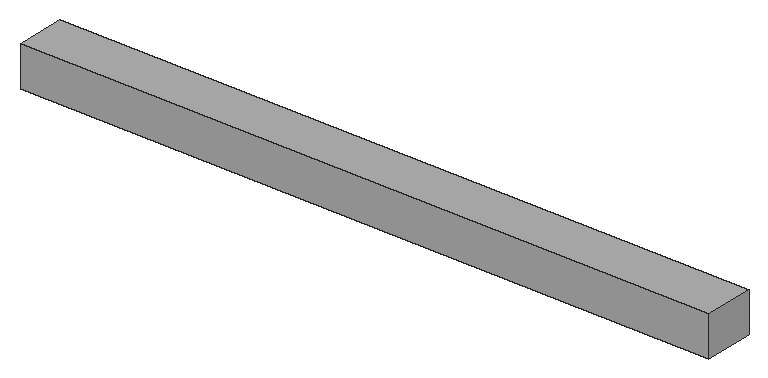
Revit family "IEK_Светильник_LED_1421-1425_IP65_LOD2_R19", category Осветительные приборы, Revit 2019
Family settings
  Размер круглого соединителя = Использовать диаметр
  Тип детали = Нормальный
  На основе рабочей плоскости = Нет
  Всегда вертикально = Да
  При загрузке вырезать с полостями = Нет
  Источник света = Нет
  Общий = Нет
  Точка расчета площади = Нет
Parameters (values of type "ДСП_1425А_1200мм_40Вт_4800лм_4000К_Накладной_Серый_БАП")
  УГО_А_верт [instance] = no
  УГО_А_180гр [instance] = no
  УГО_А_-90гр [instance] = no
  УГО_А_+90гр [instance] = no
  Лампа = "Светодиод. источник света (LED)"
  Комментарии к мощности = "Нейтральный (холодно-белый) 3300-5300 К"
  Изготовитель = "IEK"  # constant formula
  URL = "https://www.iek.ru/"
  KSI_CPr_Строительные изделия = "ЭЛ 40 50 50 30"  # constant formula
  KSI_CMa_Строительные материалы = "ГОСТ Р ИСО 2507-2-2015"  # constant formula
  IEK_Частота = "50 Гц"
  IEK_Цветовая температура = "4000 К"
  IEK_Цвет = "Белый"
  IEK_УГО_Смещение по оси Y [instance] = 1000 mm
  IEK_УГО_Смещение по оси X [instance] = 1000 mm
  IEK_УГО_Рабочее освещение [instance] = yes
  IEK_УГО_Аварийное освещение [instance] = not(IEK_УГО_Рабочее освещение)  # no
  IEK_Тип лампы = "LED"
  IEK_Температура эксплуатации = "0…+40 °C"
  IEK_Степень защиты = "IP65"
  IEK_Срок службы = "100 000 часов"
  IEK_Серия = "ДСП 1425А"
  IEK_Световой поток = "4800 лм"
  IEK_Редактор = ""
  IEK_Разработчик = "Созутов ВД"  # constant formula
  IEK_Описание = "Светильники ДСП предназначены для общего и аварийно-эвакуационного освещения общественных, производственных и подсобных помещений с повышенным содержанием пыли и влаги (IP65).\r\nСветильники имеют универсальное подключение (постоянного и непостоянного действия - зависит от схемы).\r\nСоответствуют требованиям ГОСТ Р МЭК 60598-2-22 по аварийному освещению.\r\nКнопка «Тест» и световая индикация исправности и режима заряда на внешней стороне корпуса.\r\nВстроенная защита от глубокого перезаряда и разряда батареи.\r\nТранзитное подключение с суммарной нагрузкой до 2,2кВт.\r\nСистема «Быстрого подключения» проводов.\r\nНакладной/подвесной/настенный монтаж.\r\nМатовый рассеиватель для равномерного распределения светового потока.\r\nРавномерное свечение по всей площади рассеивателя в аварийном режиме."
  IEK_Монтажная температура = ""
  IEK_Конфигуратор = "http://www.iek.ru/products/light-calc/"
  IEK_Класс защиты = "II"
  IEK_Индекс цветопередачи = "80-89 (класс 1B)"
  IEK_Замена = "ЛСП"  # constant formula
  IEK_Гарантийный срок = "5 лет"
  IEK_Вид климатического исполнения = ""
  IEK_Блок аварийного питания = yes
  IEK_URL_Сертификат = "https://www.iek.ru/local/components/iek/prodcat.catalog.detail/download.php?hash=79cd18b33cbe4a24087f470fc1df325617fe9b7daee9f0c75fdc939d81732c69"
  IEK_URL_Паспорт изделия = "https://www.iek.ru/local/components/iek/prodcat.catalog.detail/download.php?hash=a6dc0bf8c5ff0207622fe399c80197d70f5e8e2aefcb5c2c202d446484b90a64"
  IEK_URL_Изображение = "https://www.iek.ru/upload/iek.prodcat/file/ed8218292483cf4d0ea053b909488776868d1f66dccc62640262c39a130ddc1f.png"
  IEK_URL_IES = "https://www.iek.ru/local/components/iek/prodcat.catalog.detail/download.php?hash=8fc9f072ae895f677ac81275908294ecb5021adc8cb661219cccb5f72ad4e5e8"
  IEK_URL = "https://www.iek.ru/products/catalog/svetotekhnika/promyshlennoe_osveshchenie/svetilniki_pylevlagozashchishchennye_dsp/svetilniki_dsp_pro_1421_1426/svetilnik_svetodiodnyy_dsp_1425a_40vt_1ch_4000k_ip65_1200mm_s_bap_iek"
  IEK_LOD = "LOD200"  # constant formula
  IEK_ID = "#100401070008"
  ADSK_Этаж [instance] = ""
  ADSK_Ток = ADSK_Номинальная мощность / (ADSK_Коэффициент мощности * ADSK_Напряжение * sqrt(ADSK_Количество фаз))  # 0.20202 A
  ADSK_Размер_Ширина = 86 mm
  ADSK_Размер_Длина = 1200 mm
  ADSK_Размер_Диаметр = 10 mm
  ADSK_Размер_Высота = 70 mm
  ADSK_Примечание [instance] = ""
  ADSK_Полная мощность = ADSK_Номинальная мощность / ADSK_Коэффициент мощности  # 44.4444 VA
  ADSK_Позиция [instance] = ""
  ADSK_Обозначение = ""
  ADSK_Номинальная мощность = 40 W
  ADSK_Напряжение = 220 V
  ADSK_Наименование краткое = "Светильник ДСП 1425А 40Вт IP65"
  ADSK_Наименование = "Светильник ДСП 1425А 40Вт 1ч 4000К IP65 1200мм с БАП IEK"
  ADSK_Материал обозначение = "Плафон - поликарбонат"
  ADSK_Материал наименование = "Корпус - поликарбонат"
  ADSK_Материал = Серый
  ADSK_Масса_Текст = "2,0 Кг"
  ADSK_Масса = 2
  ADSK_Марка = "ДСП 1425А"
  ADSK_Коэффициент мощности = 0.9
  ADSK_Количество фаз = 1
  ADSK_Код изделия = "LDSP6-1425A-1-40-4000-K01"
  ADSK_Классификация нагрузок = Освещение
  ADSK_Завод-изготовитель = "IEK"  # constant formula
  ADSK_Единица измерения = "шт"  # constant formula
  ADSK_Группирование = "Светильники, светоуказатели, световые табло"  # constant formula
  ADSK_Версия семейства = "1.0"  # constant formula
  ADSK_Версия Revit = "2019"  # constant formula
  ADSK_URL страницы изделия = "https://www.iek.ru/products/catalog/svetotekhnika/promyshlennoe_osveshchenie/svetilniki_pylevlagozashchishchennye_dsp/svetilniki_dsp_pro_1421_1426/svetilnik_svetodiodnyy_dsp_1425a_40vt_1ch_4000k_ip65_1200mm_s_bap_iek"
  ADSK_URL документации изделия = "https://www.iek.ru/local/components/iek/prodcat.catalog.detail/download.php?hash=a6dc0bf8c5ff0207622fe399c80197d70f5e8e2aefcb5c2c202d446484b90a64"
Types (9, lengths in mm): name | Комментарии к мощности | IEK_Цветовая температура | IEK_Температура эксплуатации | IEK_Серия | IEK_Световой поток | IEK_Описание | IEK_Вид климатического исполнения | IEK_Блок аварийного питания | IEK_URL_Сертификат | IEK_URL_Изображение | IEK_URL_IES | IEK_URL | IEK_ID | ADSK_Ток | ADSK_Размер_Длина | ADSK_Полная мощность | ADSK_Номинальная мощность | ADSK_Наименование краткое | ADSK_Наименование | ADSK_Материал | ADSK_Масса_Текст | ADSK_Масса | ADSK_Марка | ADSK_Код изделия | ADSK_URL страницы изделия
  (no name) | "Нейтральный (холодно-белый) 3300-5300 К" | "4000 К" | "0…+40 °C" | "ДСП 1425А" | "4800 лм" | "Светильники ДСП предназначены для общего и аварийно-эвакуационного освещения общественных, производственных и подсобных помещений с повышенным содержанием пыли и влаги (IP65).\r\nСветильники имеют универсальное подключение (постоянного и непостоянного действия - зависит от схемы).\r\nСоответствуют требованиям ГОСТ Р МЭК 60598-2-22 по аварийному освещению.\r\nКнопка «Тест» и световая индикация исправности и режима заряда на внешней стороне корпуса.\r\nВстроенная защита от глубокого перезаряда и разряда батареи.\r\nТранзитное подключение с суммарной нагрузкой до 2,2кВт.\r\nСистема «Быстрого подключения» проводов.\r\nНакладной/подвесной/настенный монтаж.\r\nМатовый рассеиватель для равномерного распределения светового потока.\r\nРавномерное свечение по всей площади рассеивателя в аварийном режиме." | "" | yes | "https://www.iek.ru/local/components/iek/prodcat.catalog.detail/download.php?hash=79cd18b33cbe4a24087f470fc1df325617fe9b7daee9f0c75fdc939d81732c69" | "https://www.iek.ru/upload/iek.prodcat/file/ed8218292483cf4d0ea053b909488776868d1f66dccc62640262c39a130ddc1f.png" | "https://www.iek.ru/local/components/iek/prodcat.catalog.detail/download.php?hash=8fc9f072ae895f677ac81275908294ecb5021adc8cb661219cccb5f72ad4e5e8" | "https://www.iek.ru/products/catalog/svetotekhnika/promyshlennoe_osveshchenie/svetilniki_pylevlagozashchishchennye_dsp/svetilniki_dsp_pro_1421_1426/svetilnik_svetodiodnyy_dsp_1425a_40vt_1ch_4000k_ip65_1200mm_s_bap_iek" | "#100401070008" | 0.20202 A | 1200 | 44.4444 VA | 40 W | "Светильник ДСП 1425А 40Вт IP65" | "Светильник ДСП 1425А 40Вт 1ч 4000К IP65 1200мм с БАП IEK" | Серый | "2,0 Кг" | 2 | "ДСП 1425А" | "LDSP6-1425A-1-40-4000-K01" | "https://www.iek.ru/products/catalog/svetotekhnika/promyshlennoe_osveshchenie/svetilniki_pylevlagozashchishchennye_dsp/svetilniki_dsp_pro_1421_1426/svetilnik_svetodiodnyy_dsp_1425a_40vt_1ch_4000k_ip65_1200mm_s_bap_iek"
  ДСП_1421_600мм_20Вт_2400лм_6500К_Накладной | "Холодный дневной >5300 К" | "6500 К" | "-25…+45 °C" | "ДСП 1421" | "2400 лм" | "Светильники ДСП предназначены для общего освещения общественных, производственных и подсобных помещений с повышенным содержанием пыли и влаги.\r\n\r\nЭффективная замена светильников ЛСП.\r\nПолная электромагнитная совместимость (ЕМС) и соответствие требованиям по пожаробезопасности\r\nНизкие расходы на эксплуатацию светильника.\r\nВысокая степень защиты и широкий диапазон рабочих температур.\r\nМатериал корпуса и плафона ударопрочный поликарбонат, устойчивость к механическому воздействию.\r\nВозможность соединения в линию (шлейфом): 20Вт - 30шт, 40Вт - 15шт, 50Вт - 12шт.\r\nСпособы монтажа: подвесной, потолочный, настенный." | "УХЛ3.1" | no | "https://www.iek.ru/local/components/iek/prodcat.catalog.detail/download.php?hash=f1d532f62cafee1766ce99aaf25372a7538271ed5e2b530e3e9ee5766da49f3e" | "https://www.iek.ru/upload/iek.prodcat/file/71c8bee3024d00f48550a43f6b410eaff197e08dcad60155ea241e95f6129248.png" | "https://www.iek.ru/local/components/iek/prodcat.catalog.detail/download.php?hash=fd94548c45cceb492b706c33e7cec9ee428fbb2f73cf4ed4d19f5c1e99dac830" | "https://www.iek.ru/products/catalog/svetotekhnika/promyshlennoe_osveshchenie/svetilniki_pylevlagozashchishchennye_dsp/svetilniki_dsp_pro_1421_1426/svetilnik_svetodiodnyy_dsp_1421_20vt_6500k_ip65_600mm_iek" | "#100401070001" | 0.10101 A | 600 | 22.2222 VA | 20 W | "Светильник ДСП 1421 20Вт IP65" | "Светильник ДСП 1421 20Вт 6500К IP65 600мм IEK" | Белый | "1,0 Кг" | 1 | "ДСП 1421" | "LDSP0-1421-20-6500-K01" | "https://www.iek.ru/products/catalog/svetotekhnika/promyshlennoe_osveshchenie/svetilniki_pylevlagozashchishchennye_dsp/svetilniki_dsp_pro_1421_1426/svetilnik_svetodiodnyy_dsp_1421_20vt_6500k_ip65_600mm_iek"
  ДСП_1422_1200мм_40Вт_4800лм_6500К_Накладной | "Холодный дневной >5300 К" | "6500 К" | "-25…+45 °C" | "ДСП 1422" | "4800 лм" | "Светильники ДСП предназначены для общего освещения общественных, производственных и подсобных помещений с повышенным содержанием пыли и влаги.\r\n\r\nЭффективная замена светильников ЛСП.\r\nПолная электромагнитная совместимость (ЕМС) и соответствие требованиям по пожаробезопасности\r\nНизкие расходы на эксплуатацию светильника.\r\nВысокая степень защиты и широкий диапазон рабочих температур.\r\nМатериал корпуса и плафона ударопрочный поликарбонат, устойчивость к механическому воздействию.\r\nВозможность соединения в линию (шлейфом): 20Вт - 30шт, 40Вт - 15шт, 50Вт - 12шт.\r\nСпособы монтажа: подвесной, потолочный, настенный." | "УХЛ3.1" | no | "https://www.iek.ru/local/components/iek/prodcat.catalog.detail/download.php?hash=f1d532f62cafee1766ce99aaf25372a7538271ed5e2b530e3e9ee5766da49f3e" | "https://www.iek.ru/upload/iek.prodcat/file/4bc655cc109b7c70c3dd81e8e5e403bc058645ec4b616208a44c6ba265b0755d.png" | "https://www.iek.ru/local/components/iek/prodcat.catalog.detail/download.php?hash=579730bc20cec147e1e88c6a8ac0e4e8a180ea05abf34e247a4a8a2b7efb7c3c" | "https://www.iek.ru/products/catalog/svetotekhnika/promyshlennoe_osveshchenie/svetilniki_pylevlagozashchishchennye_dsp/svetilniki_dsp_pro_1421_1426/svetilnik_svetodiodnyy_dsp_1422_40vt_6500k_ip65_1200mm_iek" | "#100401070002" | 0.20202 A | 1200 | 44.4444 VA | 40 W | "Светильник ДСП 1422 40Вт IP65" | "Светильник ДСП 1422 40Вт 6500К IP65 1200мм IEK" | Белый | "1,0 Кг" | 1 | "ДСП 1422" | "LDSP0-1422-40-6500-K01" | "https://www.iek.ru/products/catalog/svetotekhnika/promyshlennoe_osveshchenie/svetilniki_pylevlagozashchishchennye_dsp/svetilniki_dsp_pro_1421_1426/svetilnik_svetodiodnyy_dsp_1422_40vt_6500k_ip65_1200mm_iek"
  ДСП_1423_1500мм_50Вт_6000лм_6500К_Накладной | "Холодный дневной >5300 К" | "6500 К" | "-25…+45 °C" | "ДСП 1423" | "6000 лм" | "Светильники ДСП предназначены для общего освещения общественных, производственных и подсобных помещений с повышенным содержанием пыли и влаги.\r\n\r\nЭффективная замена светильников ЛСП.\r\nПолная электромагнитная совместимость (ЕМС) и соответствие требованиям по пожаробезопасности\r\nНизкие расходы на эксплуатацию светильника.\r\nВысокая степень защиты и широкий диапазон рабочих температур.\r\nМатериал корпуса и плафона ударопрочный поликарбонат, устойчивость к механическому воздействию.\r\nВозможность соединения в линию (шлейфом): 20Вт - 30шт, 40Вт - 15шт, 50Вт - 12шт.\r\nСпособы монтажа: подвесной, потолочный, настенный." | "УХЛ3.1" | no | "https://www.iek.ru/local/components/iek/prodcat.catalog.detail/download.php?hash=f1d532f62cafee1766ce99aaf25372a7538271ed5e2b530e3e9ee5766da49f3e" | "https://www.iek.ru/upload/iek.prodcat/file/15a1a6f96d352b1fa3470fabc49515e394167e7441fa5e658b3ac717121ab36d.png" | "https://www.iek.ru/local/components/iek/prodcat.catalog.detail/download.php?hash=1e00e1dcff506699308393c19476e1d01a11de32262a6ba67a3abb36350a399f" | "https://www.iek.ru/products/catalog/svetotekhnika/promyshlennoe_osveshchenie/svetilniki_pylevlagozashchishchennye_dsp/svetilniki_dsp_pro_1421_1426/svetilnik_svetodiodnyy_dsp_1423_50vt_6500k_ip65_1500mm_iek" | "#100401070003" | 0.252525 A | 1500 | 55.5556 VA | 50 W | "Светильник ДСП 1423 50Вт IP65" | "Светильник ДСП 1423 50Вт 6500К IP65 1500мм IEK" | Белый | "2,0 Кг" | 2 | "ДСП 1423" | "LDSP0-1423-50-6500-K01" | "https://www.iek.ru/products/catalog/svetotekhnika/promyshlennoe_osveshchenie/svetilniki_pylevlagozashchishchennye_dsp/svetilniki_dsp_pro_1421_1426/svetilnik_svetodiodnyy_dsp_1423_50vt_6500k_ip65_1500mm_iek"
  ДСП_1424_600мм_20Вт_2400лм_4000К_Накладной | "Нейтральный (холодно-белый) 3300-5300 К" | "4000 К" | "-25…+45 °C" | "ДСП 1424" | "2400 лм" | "Светильники ДСП предназначены для общего освещения общественных, производственных и подсобных помещений с повышенным содержанием пыли и влаги.\r\nВысокая светоотдача 120 лм/Вт.\r\nПульсация светового потока менее 5%.\r\nИндекс цветопередачи Ra>80.\r\nПолная электромагнитная совместимость (ЕМС).\r\nМатериал корпуса и плафона ударопрочный поликарбонат, устойчивость к механическому воздействию.\r\nПолное соответствие требованиям по пожаробезопасности.\r\nЭффективная замена светильников ЛСП.\r\nНизкие расходы на эксплуатацию светильника.\r\nВысокая степень защиты IP65 и широкий диапазон рабочих температур.\r\nСпособы монтажа: подвесной, потолочный, настенный.\r\nВозможность соединения в линию (шлейфом): 20Вт-30шт, 40Вт-15шт, 50Вт-12шт." | "УХЛ3.1" | no | "https://www.iek.ru/local/components/iek/prodcat.catalog.detail/download.php?hash=f1d532f62cafee1766ce99aaf25372a7538271ed5e2b530e3e9ee5766da49f3e" | "https://www.iek.ru/upload/iek.prodcat/file/71c8bee3024d00f48550a43f6b410eaff197e08dcad60155ea241e95f6129248.png" | "https://www.iek.ru/local/components/iek/prodcat.catalog.detail/download.php?hash=eb828ad6bc4d6730b0576b3ffc8480cb5510fbc314cc564148eefab73e11ff7c" | "https://www.iek.ru/products/catalog/svetotekhnika/promyshlennoe_osveshchenie/svetilniki_pylevlagozashchishchennye_dsp/svetilniki_dsp_pro_1421_1426/svetilnik_svetodiodnyy_dsp_1424_20vt_4000k_ip65_600mm_iek" | "#100401070004" | 0.10101 A | 600 | 22.2222 VA | 20 W | "Светильник ДСП 1424 20Вт IP65" | "Светильник ДСП 1424 20Вт 4000К IP65 600мм IEK" | Белый | "1,0 Кг" | 1 | "ДСП 1424" | "LDSP0-1424-20-4000-K01" | "https://www.iek.ru/products/catalog/svetotekhnika/promyshlennoe_osveshchenie/svetilniki_pylevlagozashchishchennye_dsp/svetilniki_dsp_pro_1421_1426/svetilnik_svetodiodnyy_dsp_1424_20vt_4000k_ip65_600mm_iek"
  ДСП_1425_1200мм_40Вт_4800лм_4000К_Накладной | "Нейтральный (холодно-белый) 3300-5300 К" | "4000 К" | "-25…+45 °C" | "ДСП 1425" | "4800 лм" | "Светильники ДСП предназначены для общего освещения общественных, производственных и подсобных помещений с повышенным содержанием пыли и влаги.\r\nВысокая светоотдача 120 лм/Вт.\r\nПульсация светового потока менее 5%.\r\nИндекс цветопередачи Ra>80.\r\nПолная электромагнитная совместимость (ЕМС).\r\nМатериал корпуса и плафона ударопрочный поликарбонат, устойчивость к механическому воздействию.\r\nПолное соответствие требованиям по пожаробезопасности.\r\nЭффективная замена светильников ЛСП.\r\nНизкие расходы на эксплуатацию светильника.\r\nВысокая степень защиты IP65 и широкий диапазон рабочих температур.\r\nСпособы монтажа: подвесной, потолочный, настенный.\r\nВозможность соединения в линию (шлейфом): 20Вт-30шт, 40Вт-15шт, 50Вт-12шт." | "УХЛ3.1" | no | "https://www.iek.ru/local/components/iek/prodcat.catalog.detail/download.php?hash=f1d532f62cafee1766ce99aaf25372a7538271ed5e2b530e3e9ee5766da49f3e" | "https://www.iek.ru/upload/iek.prodcat/file/4bc655cc109b7c70c3dd81e8e5e403bc058645ec4b616208a44c6ba265b0755d.png" | "https://www.iek.ru/local/components/iek/prodcat.catalog.detail/download.php?hash=f075021dc0c88cbc2b4b525b94c2a13c825266986f6f583e23b2ae4236fdbb46" | "https://www.iek.ru/products/catalog/svetotekhnika/promyshlennoe_osveshchenie/svetilniki_pylevlagozashchishchennye_dsp/svetilniki_dsp_pro_1421_1426/svetilnik_svetodiodnyy_dsp_1425_40vt_4000k_ip65_1200mm_iek" | "#100401070005" | 0.20202 A | 1200 | 44.4444 VA | 40 W | "Светильник ДСП 1425 40Вт IP65" | "Светильник ДСП 1425 40Вт 4000К IP65 1200мм IEK" | Белый | "1,0 Кг" | 1 | "ДСП 1425" | "LDSP0-1425-40-4000-K01" | "https://www.iek.ru/products/catalog/svetotekhnika/promyshlennoe_osveshchenie/svetilniki_pylevlagozashchishchennye_dsp/svetilniki_dsp_pro_1421_1426/svetilnik_svetodiodnyy_dsp_1425_40vt_4000k_ip65_1200mm_iek"
  ДСП_1426_1500мм_50Вт_6000лм_4000К_Накладной | "Нейтральный (холодно-белый) 3300-5300 К" | "4000 К" | "-25…+45 °C" | "ДСП 1426" | "6000 лм" | "Светильники ДСП предназначены для общего освещения общественных, производственных и подсобных помещений с повышенным содержанием пыли и влаги.\r\nВысокая светоотдача 120 лм/Вт.\r\nПульсация светового потока менее 5%.\r\nИндекс цветопередачи Ra>80.\r\nПолная электромагнитная совместимость (ЕМС).\r\nМатериал корпуса и плафона ударопрочный поликарбонат, устойчивость к механическому воздействию.\r\nПолное соответствие требованиям по пожаробезопасности.\r\nЭффективная замена светильников ЛСП.\r\nНизкие расходы на эксплуатацию светильника.\r\nВысокая степень защиты IP65 и широкий диапазон рабочих температур.\r\nСпособы монтажа: подвесной, потолочный, настенный.\r\nВозможность соединения в линию (шлейфом): 20Вт-30шт, 40Вт-15шт, 50Вт-12шт." | "УХЛ3.1" | no | "https://www.iek.ru/local/components/iek/prodcat.catalog.detail/download.php?hash=f1d532f62cafee1766ce99aaf25372a7538271ed5e2b530e3e9ee5766da49f3e" | "https://www.iek.ru/upload/iek.prodcat/file/15a1a6f96d352b1fa3470fabc49515e394167e7441fa5e658b3ac717121ab36d.png" | "https://www.iek.ru/local/components/iek/prodcat.catalog.detail/download.php?hash=281eb2701ac6b97c6fdde5a75593951fb0e3688e04035c1dec8ba71cd1f0f071" | "https://www.iek.ru/products/catalog/svetotekhnika/promyshlennoe_osveshchenie/svetilniki_pylevlagozashchishchennye_dsp/svetilniki_dsp_pro_1421_1426/svetilnik_svetodiodnyy_dsp_1426_50vt_4000k_ip65_1500mm_iek" | "#100401070006" | 0.252525 A | 1500 | 55.5556 VA | 50 W | "Светильник ДСП 1426 50Вт IP65" | "Светильник ДСП 1426 50Вт 4000К IP65 1500мм IEK" | Белый | "2,0 Кг" | 2 | "ДСП 1426" | "LDSP0-1426-50-4000-K01" | "https://www.iek.ru/products/catalog/svetotekhnika/promyshlennoe_osveshchenie/svetilniki_pylevlagozashchishchennye_dsp/svetilniki_dsp_pro_1421_1426/svetilnik_svetodiodnyy_dsp_1426_50vt_4000k_ip65_1500mm_iek"
  ДСП_1422А_1200мм_40Вт_4800лм_6500К_Накладной_Серый_БАП | "Холодный дневной >5300 К" | "6500 К" | "0…+40 °C" | "ДСП 1422А" | "4800 лм" | "Светильники ДСП предназначены для общего и аварийно-эвакуационного освещения общественных, производственных и подсобных помещений с повышенным содержанием пыли и влаги (IP65).\r\nСветильники имеют универсальное подключение (постоянного и непостоянного действия - зависит от схемы).\r\nСоответствуют требованиям ГОСТ Р МЭК 60598-2-22 по аварийному освещению.\r\nКнопка «Тест» и световая индикация исправности и режима заряда на внешней стороне корпуса.\r\nВстроенная защита от глубокого перезаряда и разряда батареи.\r\nТранзитное подключение с суммарной нагрузкой до 2,2кВт.\r\nСистема «Быстрого подключения» проводов.\r\nНакладной/подвесной/настенный монтаж.\r\nМатовый рассеиватель для равномерного распределения светового потока.\r\nРавномерное свечение по всей площади рассеивателя в аварийном режиме." | "" | yes | "https://www.iek.ru/local/components/iek/prodcat.catalog.detail/download.php?hash=79cd18b33cbe4a24087f470fc1df325617fe9b7daee9f0c75fdc939d81732c69" | "https://www.iek.ru/upload/iek.prodcat/file/ed8218292483cf4d0ea053b909488776868d1f66dccc62640262c39a130ddc1f.png" | "https://www.iek.ru/local/components/iek/prodcat.catalog.detail/download.php?hash=6a9a8af9c8bc78da691b1787368fc3dd98874f3f75c14055be655425f1e72d4d" | "https://www.iek.ru/products/catalog/svetotekhnika/promyshlennoe_osveshchenie/svetilniki_pylevlagozashchishchennye_dsp/svetilniki_dsp_pro_1421_1426/svetilnik_svetodiodnyy_dsp_1422a_40vt_1ch_6500k_ip65_1200mm_s_bap_iek" | "#100401070007" | 0.20202 A | 1200 | 44.4444 VA | 40 W | "Светильник ДСП 1422А 40Вт IP65" | "Светильник ДСП 1422А 40Вт 1ч 6500К IP65 1200мм с БАП IEK" | Серый | "2,0 Кг" | 2 | "ДСП 1422А" | "LDSP6-1422A-1-40-6500-K01" | "https://www.iek.ru/products/catalog/svetotekhnika/promyshlennoe_osveshchenie/svetilniki_pylevlagozashchishchennye_dsp/svetilniki_dsp_pro_1421_1426/svetilnik_svetodiodnyy_dsp_1422a_40vt_1ch_6500k_ip65_1200mm_s_bap_iek"
  ДСП_1425А_1200мм_40Вт_4800лм_4000К_Накладной_Серый_БАП | "Нейтральный (холодно-белый) 3300-5300 К" | "4000 К" | "0…+40 °C" | "ДСП 1425А" | "4800 лм" | "Светильники ДСП предназначены для общего и аварийно-эвакуационного освещения общественных, производственных и подсобных помещений с повышенным содержанием пыли и влаги (IP65).\r\nСветильники имеют универсальное подключение (постоянного и непостоянного действия - зависит от схемы).\r\nСоответствуют требованиям ГОСТ Р МЭК 60598-2-22 по аварийному освещению.\r\nКнопка «Тест» и световая индикация исправности и режима заряда на внешней стороне корпуса.\r\nВстроенная защита от глубокого перезаряда и разряда батареи.\r\nТранзитное подключение с суммарной нагрузкой до 2,2кВт.\r\nСистема «Быстрого подключения» проводов.\r\nНакладной/подвесной/настенный монтаж.\r\nМатовый рассеиватель для равномерного распределения светового потока.\r\nРавномерное свечение по всей площади рассеивателя в аварийном режиме." | "" | yes | "https://www.iek.ru/local/components/iek/prodcat.catalog.detail/download.php?hash=79cd18b33cbe4a24087f470fc1df325617fe9b7daee9f0c75fdc939d81732c69" | "https://www.iek.ru/upload/iek.prodcat/file/ed8218292483cf4d0ea053b909488776868d1f66dccc62640262c39a130ddc1f.png" | "https://www.iek.ru/local/components/iek/prodcat.catalog.detail/download.php?hash=8fc9f072ae895f677ac81275908294ecb5021adc8cb661219cccb5f72ad4e5e8" | "https://www.iek.ru/products/catalog/svetotekhnika/promyshlennoe_osveshchenie/svetilniki_pylevlagozashchishchennye_dsp/svetilniki_dsp_pro_1421_1426/svetilnik_svetodiodnyy_dsp_1425a_40vt_1ch_4000k_ip65_1200mm_s_bap_iek" | "#100401070008" | 0.20202 A | 1200 | 44.4444 VA | 40 W | "Светильник ДСП 1425А 40Вт IP65" | "Светильник ДСП 1425А 40Вт 1ч 4000К IP65 1200мм с БАП IEK" | Серый | "2,0 Кг" | 2 | "ДСП 1425А" | "LDSP6-1425A-1-40-4000-K01" | "https://www.iek.ru/products/catalog/svetotekhnika/promyshlennoe_osveshchenie/svetilniki_pylevlagozashchishchennye_dsp/svetilniki_dsp_pro_1421_1426/svetilnik_svetodiodnyy_dsp_1425a_40vt_1ch_4000k_ip65_1200mm_s_bap_iek"
Reference planes
  plane 1 "По центру (Вперед/Назад)": y = 0
  plane 2: z = 0
  plane 3 "По центру (Влево/Вправо)": x = 0
  plane 4: z = 70
  plane 5 "3": x = 600
  plane 6 "4": x = -600
  plane 7 "1": y = -43
  plane 8 "2": y = 43
  plane 9: x = -1000
  plane 10: y = -1000
Forms (mm)
  Extrusion 1, solid, material "Серый" <- "ADSK_Материал", detail levels medium+fine
    sketch origin (0, 0, 0) x (1, 0, 0) y (0, 1, 0)
      loop
        line (-600, 43) -> (-600, -43) -> (600, -43) -> (600, 43) -> (-600, 43)
    from 0 to 70
Lines and regions (mm)
  Masking region 1
    outline origin (-76.58, 0, -5.625) x (1, 0, 0) y (0, 0, 1)
      loop
        line (-76.973, 12.797) -> (-76.973, 7.102) -> (-74.352, 7.102) -> (-74.352, 12.797) -> (-76.973, 12.797)
      loop
        line (-76.973, 15.902) -> (-76.973, 13.467) -> (-74.352, 13.467) -> (-74.352, 15.902) -> (-76.973, 15.902)
      loop
        line (-73.708, 15.902) -> (-73.708, 13.467) -> (-68.012, 13.467) -> (-68.012, 15.902) -> (-73.708, 15.902)
      loop
        line (-68.012, 12.797) -> (-73.708, 12.797) -> (-73.708, 7.102) -> (-68.012, 7.102) -> (-68.012, 9.598) -> (-71.239, 9.598) -> (-71.239, 10.38) -> (-68.012, 10.38) -> (-68.012, 12.797)
      loop
        line (-67.482, 15.902) -> (-67.482, 7.102) -> (-64.907, 7.102) -> (-64.907, 10.265) -> (-64.068, 10.265) -> (-61.934, 7.102) -> (-58.956, 7.102) -> (-62.028, 11.657) -> (-58.831, 16.223) -> (-61.579, 16.223) -> (-64.068, 12.797) -> (-64.907, 12.797) -> (-64.907, 15.902) -> (-67.482, 15.902)
  reference lines
    curve 1: line (-20, 0, 0) -> (20, 0, 0)
    curve 2: line (0, 10, 0) -> (0, -10, 0)
  reference lines, not visible
    curve 3: line (91.496, -55.114, 0) -> (131.496, -55.114, 0)
    curve 4: line (111.496, -45.114, 0) -> (111.496, -65.114, 0)
Text (mm)
  text "sozutov" at (107.323, 0, 16.659), in view "Спереди"
Dimensions and locks
  "ADSK_Размер_Высота": plane 4 to plane 2
  equal spacing: plane 6 "4", plane 3 "По центру (Влево/Вправо)", plane 5 "3"
  "ADSK_Размер_Длина": plane 6 "4" to plane 5 "3"
  equal spacing: plane 7 "1", plane 1 "По центру (Вперед/Назад)", plane 8 "2"
  "ADSK_Размер_Ширина": plane 7 "1" to plane 8 "2"
  "IEK_УГО_Смещение по оси X": plane 10 to plane 1 "По центру (Вперед/Назад)"
  "IEK_УГО_Смещение по оси Y": plane 9 to plane 3 "По центру (Влево/Вправо)"
  locked: plane 9 to curve 2 at 1000
  locked: plane 10 to curve 1 at 1000
  aligned and locked: level to plane 2
  aligned and locked: Extrusion 1 sketch curve to plane 8 "2"
  aligned and locked: Extrusion 1 sketch curve to plane 6 "4"
  aligned and locked: Extrusion 1 sketch curve to plane 7 "1"
  aligned and locked: Extrusion 1 sketch curve to plane 5 "3"
  aligned and locked: Extrusion 1 to plane 4
  aligned and locked: nested 1 to curve 2
  aligned and locked: curve 1 to nested 1
  aligned and locked: nested 2 to curve 4
  aligned and locked: curve 3 to nested 2
Automatic sketch dimensions
  level to Masking region 1 sketch curve = 7.172 mm  (x2)
  Masking region 1 sketch curve to plane 3 "По центру (Влево/Вправо)" = 153.553 mm
  Masking region 1 sketch curve to Masking region 1 sketch curve = 0 mm  (x8)
  Masking region 1 sketch curve to Masking region 1 sketch curve = 2.621 mm  (x2)
  Masking region 1 sketch curve to Masking region 1 sketch curve = 0.644 mm  (x2)
  Masking region 1 sketch curve to Masking region 1 sketch curve = 2.469 mm
  Masking region 1 sketch curve to Masking region 1 sketch curve = 3.227 mm
  Masking region 1 sketch curve to Masking region 1 sketch curve = 0.53 mm
  Masking region 1 sketch curve to Masking region 1 sketch curve = 2.575 mm
  Masking region 1 sketch curve to Masking region 1 sketch curve = 0.839 mm  (x2)
  level to Masking region 1 sketch curve = 6.032 mm
  Masking region 1 sketch curve to Masking region 1 sketch curve = 2.04 mm
  level to Masking region 1 sketch curve = 10.598 mm
  Masking region 1 sketch curve to Masking region 1 sketch curve = 3.328 mm
  Masking region 1 sketch curve to Masking region 1 sketch curve = 2.748 mm
  Masking region 1 sketch curve to Masking region 1 sketch curve = 2.418 mm
  Masking region 1 sketch curve to Masking region 1 sketch curve = 1.392 mm
  Masking region 1 sketch curve to Masking region 1 sketch curve = 0.782 mm
  Masking region 1 sketch curve to Masking region 1 sketch curve = 2.496 mm
  Masking region 1 sketch curve to Masking region 1 sketch curve = 0.669 mm  (x2)
  Masking region 1 sketch curve to Masking region 1 sketch curve = 2.435 mm  (x2)
  Masking region 1 sketch curve to Masking region 1 sketch curve = 2.972 mm
  level to Masking region 1 sketch curve = 1.477 mm
  Masking region 1 sketch curve to Masking region 1 sketch curve = 2.978 mm
  curve 1 to curve 2 = 20 mm
  curve 2 to curve 1 = 20 mm
  curve 2 to curve 1 = 10 mm
  curve 2 to curve 2 = 20 mm
  curve 3 to curve 4 = 20 mm
  curve 4 to curve 3 = 20 mm
  curve 4 to curve 3 = 10 mm
  curve 4 to curve 4 = 20 mm
Nested families
  nested 1: "IEK_УГО светильник прямоугольный" at (0, 0, 0), type "Стандарт", detail levels coarse+medium
  nested 2: "IEK_УГО светильник прямоугольный" at (111.496, -55.114, 0), type "Стандарт", not visible, detail levels coarse+medium
Connectors
  electrical at (0, 0, 70), driven by "ADSK_Количество фаз", driven by "ADSK_Классификация нагрузок", driven by "ADSK_Напряжение", driven by "ADSK_Полная мощность", driven by "ADSK_Коэффициент мощности"
    settings: on Extrusion 1, index 1, voltage 220 V, apparent load 0 VA, apparent load phase1 44.4444 VA, apparent load phase2 0 VA, apparent load phase3 0 VA, power factor 0.9, load classification "Освещение", number of poles 1, system type 31, power factor state 1, is connector primary yes, connector utility no, sub classification motor no, connector description ""
  cabletrayconduit at (600, 13, 25), diameter 10, driven by "ADSK_Размер_Диаметр"
    settings: on Extrusion 1, index 2, connector width 300 mm, connector height 300 mm, connector angle 0.00°, system type 32, placement type 0, profile type 0, connector reference index 3, is primary connector no, connector utility param no, connector description ""
  cabletrayconduit at (-600, -13.042, 25), diameter 10, driven by "ADSK_Размер_Диаметр"
    settings: on Extrusion 1, index 3, connector width 300 mm, connector height 300 mm, connector angle 0.00°, system type 32, placement type 0, profile type 0, connector reference index 2, is primary connector yes, connector utility param no, connector description ""
Definition of nested family "IEK_УГО светильник прямоугольный"
  Parameters (values of type "Стандарт")
    Рабочая линия = no
    Аварийная линия = yes
    (А) -90гр = no
    (А) - Верт = yes
    (А) - 180гр = no
    (А) +90гр = no
  Reference planes
    plane 1: y = 0
    plane 2: x = 0
  Lines and regions (mm)
    detail lines, visible <- "(А) - Верт"
      curve 1: line (-0.742, -1.009, 0) -> (0, 1.031, 0)
      curve 2: line (0, 1.031, 0) -> (0.75, -1.031, 0)
      curve 3: line (-0.568, -0.53, 0) -> (0.568, -0.53, 0)
    detail lines, visible <- "(А) - 180гр"
      curve 4: line (0.742, 1.009, 0) -> (0, -1.031, 0)
      curve 5: line (0, -1.031, 0) -> (-0.75, 1.031, 0)
      curve 6: line (0.568, 0.53, 0) -> (-0.568, 0.53, 0)
    detail lines, visible <- "(А) -90гр"
      curve 7: line (0.893, -0.746, 0) -> (-1.147, -0.004, 0)
      curve 8: line (-1.147, -0.004, 0) -> (0.914, 0.746, 0)
      curve 9: line (0.414, -0.572, 0) -> (0.414, 0.564, 0)
    detail lines, visible <- "(А) +90гр"
      curve 10: line (-0.872, 0.746, 0) -> (1.167, 0.004, 0)
      curve 11: line (1.167, 0.004, 0) -> (-0.894, -0.746, 0)
      curve 12: line (-0.394, 0.572, 0) -> (-0.394, -0.564, 0)
    detail lines, visible <- "Рабочая линия"
      curve 13: line (-5, 1.25, 0) -> (5, 1.25, 0)
      curve 14: line (5, 1.25, 0) -> (5, -1.25, 0)
      curve 15: line (5, -1.25, 0) -> (-5, -1.25, 0)
      curve 16: line (-5, -1.25, 0) -> (-5, 1.25, 0)
      curve 17: line (-3.5, -1.25, 0) -> (-3.5, 1.25, 0)
      curve 18: line (3.5, 1.25, 0) -> (3.5, -1.25, 0)
    detail lines, visible <- "Аварийная линия"
      curve 19: line (-5, 1.25, 0) -> (5, 1.25, 0)
      curve 20: line (5, 1.25, 0) -> (5, -1.25, 0)
      curve 21: line (5, -1.25, 0) -> (-5, -1.25, 0)
      curve 22: line (-5, -1.25, 0) -> (-5, 1.25, 0)
      curve 23: line (-3.5, -1.25, 0) -> (-3.5, 1.25, 0)
      curve 24: line (3.5, 1.25, 0) -> (3.5, -1.25, 0)
